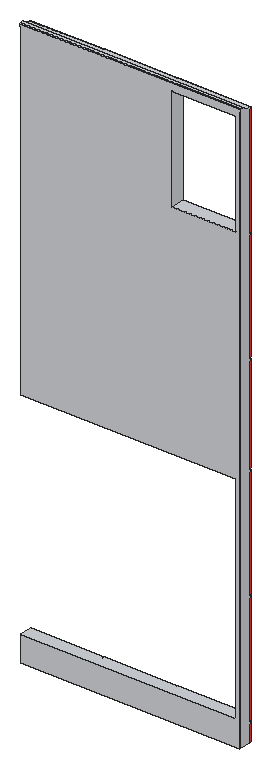
Revit family "GEN_A3-External-Facade-Bottom-Panel-11-1", category Curtain Panels, Revit 2016
Family settings
  OmniClass Number = 23.25.20.14.11.11.17
  OmniClass Title = Infill Panels
  Always vertical = Yes
  Cut with Voids When Loaded = No
  Shared = No
Parameters (values of type "External Facade")
  Window Space [instance] = 3420 mm
  Top Off Set [instance] = 70 mm
  Top Window RH OS [instance] = 70 mm
  Panel Thickness = 200 mm
  Panel 6 [instance] = none
  Panel 5 [instance] = none
  Panel 4 [instance] = none
  Panel 3 [instance] = none
  Panel 2 [instance] = none
  Panel 1 [instance] = none
  Top WindowLH OS [instance] = 2345 mm
  Fill [instance] = Poche
  Cill [instance] = 380 mm
  Bottom Window RH OS [instance] = 70 mm
  Bottom Window LH OS [instance] = 0 mm
  Bottom Window Height [instance] = 3310 mm
  Assembly Code = ""
Reference planes
  plane 1 "Center (Front/Back)": y = 0
  plane 2: z = 0
  plane 3 "Center (Left/Right)": x = 0
  plane 4 "Left": x = -1698.7
  plane 5 "Right": x = 1698.7
  plane 6 "Top": z = 8770
  plane 7 "face": y = 100
  plane 8: y = -100
  plane 9: z = 300
  plane 10: z = 3770
  plane 11: z = 5300
  plane 12: x = 566.233
  plane 13: x = -566.233
  plane 14: x = 558.733
  plane 15: x = 573.733
  plane 16: x = -558.733
  plane 17: x = -573.733
  plane 18: z = 5292.5
  plane 19: z = 5307.5
  plane 20: z = 3777.5
  plane 21: z = 3762.5
  plane 22: z = 292.5
  plane 23: z = 307.5
  plane 24: z = 2035
  plane 25: z = 2042.5
  plane 26: z = 2027.5
  plane 27: z = 7035
  plane 28: z = 7042.5
  plane 29: z = 7027.5
  plane 30: x = 1628.7
  plane 31: x = 646.3
  plane 32: z = 8700
  plane 33: z = 380
  plane 34: z = 7110
  plane 35: z = 3690
  plane 36: x = 1628.7
  plane 37: x = -1698.7
Forms (mm)
  Extrusion 1, solid
    sketch origin (0, 0, 0) x (0, 1, 0) y (0, 0, 1)
      loop
        line (-100, 0) -> (100, 0) -> (100, 8765) -> (88.75, 8770) -> (15, 8770) -> (-45, 8820) -> (-90, 8820) -> (-100, 8810) -> (-100, 0)
    from -1698.7 to 1698.7
  Extrusion 2, void
    sketch origin (0, 0, 0) x (1, 0, 0) y (0, 0, 1)
      loop
        line (1628.7, 8700) -> (646.3, 8700) -> (646.3, 7110) -> (1628.7, 7110) -> (1628.7, 8700)
      loop
        line (1628.7, 3690) -> (-1698.7, 3690) -> (-1698.7, 380) -> (1628.7, 380) -> (1628.7, 3690)
    from -100 to 100
  Sweep 3, void
    path origin (0, 100, 0) x (-1, 0, 0) y (0, 0, 1)
      loop
        line (-1698.7, 300) -> (1698.7, 300)
    profile "Resess Profile : Resess Profile" origin (0, 100, 300) x (0, 0, 1) y (0, 1, 0)
      loop
        line (-7.5, 0) -> (-2.5, -15) -> (2.5, -15) -> (7.5, 0) -> (-7.5, 0)
  Sweep 4, void
    path origin (0, 100, 1735) x (-1, 0, 0) y (0, 0, 1)
      loop
        line (-1698.7, 300) -> (1698.7, 300)
    profile "Resess Profile : Resess Profile" origin (0, 100, 2035) x (0, 0, 1) y (0, 1, 0)
      loop
        line (-7.5, 0) -> (-2.5, -15) -> (2.5, -15) -> (7.5, 0) -> (-7.5, 0)
  Sweep 5, void
    path origin (0, 100, 3470) x (-1, 0, 0) y (0, 0, 1)
      loop
        line (-1698.7, 300) -> (1698.7, 300)
    profile "Resess Profile : Resess Profile" origin (0, 100, 3770) x (0, 0, 1) y (0, 1, 0)
      loop
        line (-7.5, 0) -> (-2.5, -15) -> (2.5, -15) -> (7.5, 0) -> (-7.5, 0)
  Sweep 6, void
    path origin (0, 100, 5000) x (-1, 0, 0) y (0, 0, 1)
      loop
        line (-1698.7, 300) -> (1698.7, 300)
    profile "Resess Profile : Resess Profile" origin (0, 100, 5300) x (0, 0, 1) y (0, 1, 0)
      loop
        line (-7.5, 0) -> (-2.5, -15) -> (2.5, -15) -> (7.5, 0) -> (-7.5, 0)
  Sweep 7, void
    path origin (0, 100, 6735) x (-1, 0, 0) y (0, 0, 1)
      loop
        line (-1698.7, 300) -> (1698.7, 300)
    profile "Resess Profile : Resess Profile" origin (0, 100, 7035) x (0, 0, 1) y (0, 1, 0)
      loop
        line (-7.5, 0) -> (-2.5, -15) -> (2.5, -15) -> (7.5, 0) -> (-7.5, 0)
  Sweep 8, void
    path origin (790, 100, 6965) x (0, 0, -1) y (-1, 0, 0)
      loop
        line (-1805, 223.767) -> (6665, 223.767)
    profile "Resess Profile : Resess Profile" origin (566.233, 100, 4535) x (-1, 0, 0) y (0, 1, 0)
      loop
        line (-7.5, 0) -> (-2.5, -15) -> (2.5, -15) -> (7.5, 0) -> (-7.5, 0)
  Sweep 9, void
    path origin (-210, 100, 6965) x (0, 0, -1) y (-1, 0, 0)
      loop
        line (-1805, 356.233) -> (6665, 356.233)
    profile "Resess Profile : Resess Profile" origin (-566.233, 100, 4535) x (-1, 0, 0) y (0, 1, 0)
      loop
        line (-7.5, 0) -> (-2.5, -15) -> (2.5, -15) -> (7.5, 0) -> (-7.5, 0)
  Extrusion 10, void
    sketch origin (0, 0, 0) x (1, 0, 0) y (0, 1, 0)
      loop
        line (-1688.7, -100) -> (-1698.7, -90) -> (-1698.7, -100) -> (-1688.7, -100)
      loop
        line (-1693.7, 100) -> (-1698.7, 100) -> (-1698.7, 85) -> (-1693.7, 100)
    from 0 to 8770
  Extrusion 11, void
    sketch origin (0, 0, 0) x (1, 0, 0) y (0, 1, 0)
      loop
        line (1688.7, -100) -> (1698.7, -100) -> (1698.7, -90) -> (1688.7, -100)
      loop
        line (1693.7, 100) -> (1698.7, 85) -> (1698.7, 100) -> (1693.7, 100)
    from 0 to 8770
Cuts and joins
  Extrusion 2, Sweep 3, Sweep 4, Sweep 5, Sweep 6, Sweep 7, Sweep 8, Sweep 9, Extrusion 10, Extrusion 11 cuts Extrusion 1
Lines and regions (mm)
  Split face 1
    outline origin (1698.7, 100, 0) x (-1, 0, 0) y (0, 0, 1)
      loop
        line (1139.967, 7022.5) -> (2257.433, 7022.5)
Text (mm)
  text "Exterior" at (-2351.972, 1416.179, 0), in view "Ref. Level"
  text "Exterior" at (0, 2290.741, 4406.713), in view "Left"
  text "Exterior" at (0, 1328.187, 4120.349), in view "Right"
Dimensions and locks
  equal spacing: plane 4 "Left", plane 3 "Center (Left/Right)", plane 5 "Right"  (x2)
  equal spacing: plane 7 "face", plane 1 "Center (Front/Back)", plane 8
  "Panel Thickness": plane 7 "face" to plane 8
  plane 4 "Left" to plane 5 "Right" = 3397.4 mm  (x2)
  plane 2 to plane 6 "Top" = 8770 mm
  equal spacing: plane 4 "Left", plane 13, plane 12, plane 5 "Right"
  plane 22 to plane 9 to plane 23 = 7.5 mm locked, 7.5 mm locked
  locked: plane 2 to plane 9 at 300
  plane 9 to plane 10 to plane 11 = 3470 mm locked, 1530 mm locked
  plane 21 to plane 10 to plane 20 = 7.5 mm locked, 7.5 mm locked
  plane 18 to plane 11 to plane 19 = 7.5 mm locked, 7.5 mm locked
  plane 14 to plane 12 to plane 15 = 7.5 mm locked, 7.5 mm locked
  plane 17 to plane 13 to plane 16 = 7.5 mm locked, 7.5 mm locked
  equal spacing: plane 9, plane 24, plane 10
  plane 26 to plane 24 to plane 25 = 7.5 mm locked, 7.5 mm locked
  plane 29 to plane 27 to plane 28 = 7.5 mm locked, 7.5 mm locked
  equal spacing: plane 11, plane 27, plane 6 "Top"
  "Top Off Set": plane 32 to plane 6 "Top"
  "Cill": level to plane 33
  "Top WindowLH OS": plane 4 "Left" to plane 31
  "Top Window RH OS": plane 30 to plane 5 "Right"
  "Bottom Window Height": plane 33 to plane 35
  "Window Space": plane 35 to plane 34
  "Bottom Window RH OS": plane 36 to plane 5 "Right"
  "Bottom Window LH OS": plane 4 "Left" to plane 37
  plane 4 "Left" to plane 3 "Center (Left/Right)" to plane 5 "Right" = 1698.7 mm, 1698.7 mm
  aligned and locked: level to plane 2
  aligned and locked: Extrusion 1 sketch curve to level
  aligned and locked: Extrusion 1 sketch curve to plane 8
  aligned and locked: Extrusion 1 to plane 5 "Right"
  aligned and locked: plane 4 "Left" to Extrusion 1
  aligned and locked: plane 32 to Extrusion 2 sketch curve
  aligned and locked: Extrusion 2 sketch curve to plane 30
  aligned and locked: plane 31 to Extrusion 2 sketch curve
  aligned and locked: Extrusion 2 to plane 8
  aligned and locked: plane 7 "face" to Extrusion 2
  aligned and locked: Extrusion 2 sketch curve to plane 34
  aligned and locked: plane 35 to Extrusion 2 sketch curve
  aligned and locked: Extrusion 2 sketch curve to plane 36
  aligned and locked: Extrusion 2 sketch curve to plane 33
  aligned and locked: plane 37 to Extrusion 2 sketch curve
  aligned and locked: Sweep 3 sketch curve to plane 9
  aligned and locked: plane 5 "Right" to Sweep 3 sketch curve
  aligned and locked: plane 4 "Left" to Sweep 3 sketch curve
  aligned and locked: Sweep 8 sketch curve to plane 12
  aligned and locked: plane 6 "Top" to Sweep 8 sketch curve
  aligned and locked: plane 9 to Sweep 8 sketch curve
  aligned and locked: Extrusion 11 to plane 6 "Top"
  aligned and locked: Extrusion 10 to plane 6 "Top"
Automatic sketch dimensions
  plane 5 "Right" to Sweep 4 sketch curve = 0 mm
  plane 4 "Left" to Sweep 4 sketch curve = 0 mm
  Sweep 4 sketch curve to plane 24 = 0 mm
  plane 5 "Right" to Sweep 5 sketch curve = 0 mm
  plane 4 "Left" to Sweep 5 sketch curve = 0 mm
  Sweep 5 sketch curve to plane 10 = 0 mm
  plane 5 "Right" to Sweep 6 sketch curve = 0 mm
  plane 4 "Left" to Sweep 6 sketch curve = 0 mm
  Sweep 6 sketch curve to plane 11 = 0 mm
  plane 5 "Right" to Sweep 7 sketch curve = 0 mm
  plane 4 "Left" to Sweep 7 sketch curve = 0 mm
  Sweep 7 sketch curve to plane 27 = 0 mm
  Sweep 9 sketch curve to plane 6 "Top" = 0 mm
  Sweep 9 sketch curve to plane 9 = 0 mm
  plane 13 to Sweep 9 sketch curve = 0 mm
  plane 6 "Top" to Extrusion 1 sketch curve = 0 mm
  plane 8 to Extrusion 1 sketch curve = 10 mm
  plane 1 "Center (Front/Back)" to Extrusion 1 sketch curve = 45 mm
  Extrusion 1 sketch curve to plane 1 "Center (Front/Back)" = 15 mm
  Extrusion 1 sketch curve to Extrusion 1 sketch curve = 73.75 mm
  Extrusion 1 sketch curve to plane 6 "Top" = 40 mm
  Extrusion 1 sketch curve to plane 6 "Top" = 50 mm
  Extrusion 1 sketch curve to plane 7 "face" = 0 mm
  plane 6 "Top" to Extrusion 1 sketch curve = 5 mm
  Extrusion 10 sketch curve to plane 4 "Left" = 0 mm  (x2)
  Extrusion 10 sketch curve to plane 7 "face" = 0 mm
  Extrusion 10 sketch curve to plane 8 = 0 mm
  Extrusion 10 sketch curve to plane 4 "Left" = 5 mm
  Extrusion 10 sketch curve to Extrusion 10 sketch curve = 10 mm  (x2)
  Extrusion 10 sketch curve to Extrusion 10 sketch curve = 15 mm
  Extrusion 11 sketch curve to plane 8 = 0 mm
  Extrusion 11 sketch curve to plane 7 "face" = 0 mm
  Extrusion 11 sketch curve to plane 5 "Right" = 0 mm  (x2)
  Extrusion 11 sketch curve to Extrusion 11 sketch curve = 5 mm
  plane 5 "Right" to Extrusion 11 sketch curve = 10 mm
  Extrusion 11 sketch curve to Extrusion 11 sketch curve = 10 mm
  Extrusion 11 sketch curve to plane 7 "face" = 15 mm
  Split face 1 sketch curve to cut or joined group 1 (Extrusion 1, Extrusion 2, Sweep 3, Sweep 4, Sweep 5, Sweep 6, Sweep 7, Sweep 8, Sweep 9, Extrusion 10, Extrusion 11) = 0 mm  (x2)
  Split face 1 sketch curve to cut or joined group 1 = 5 mm
